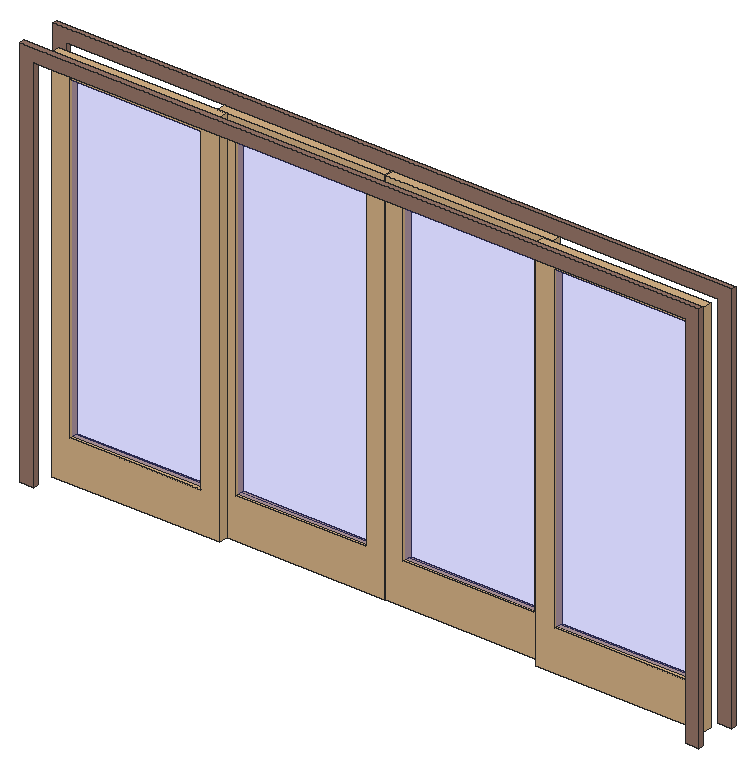
Revit family "0076_M_DR_W_sliding-4 panel 1", category 문, Revit 2026
Family settings
  호스트 = 벽
  항상 수직 = 예
  로드될 때 보이드를 사용하여 절단 = 아니오
  공유 = 아니오
  룸 계산 점 = 아니오
Parameters (values of type "144" x 84"")
  기능 = 내부
  Top Rail = 0' - 4"
  두께 = 0' - 2"
  Stile Width = 0' - 4"
  Bottom Rail = 0' - 9"
  조합 코드 = "C1020"
  Door Material = Door - Panel
  Frame Material = Door - Frame
  Height = 7' - 0"
  Trim Projection Ext = 0' - 1"
  Trim Projection Int = 0' - 1"
  Trim Width = 0' - 3"
  벽 마무리 = 호스트별
  Width = 12' - 0"
Types (7): name | Top Rail | 두께 | Stile Width | Bottom Rail | 조합 코드 | Height | Trim Projection Ext | Trim Projection Int | Trim Width | Width
  144" x 84" | 0' - 4" | 0' - 2" | 0' - 4" | 0' - 9" | "C1020" | 7' - 0" | 0' - 1" | 0' - 1" | 0' - 3" | 12' - 0"
  120" x 80" | 0' - 4" | 0' - 2" | 0' - 4" | 0' - 9" | "C1020" | 6' - 8" | 0' - 1" | 0' - 1" | 0' - 3" | 10' - 0"
  192" x 84" | 0' - 4" | 0' - 2" | 0' - 4" | 0' - 9" | "C1020" | 7' - 0" | 0' - 1" | 0' - 1" | 0' - 3" | 16' - 0"
  192" x 80" | 0' - 4" | 0' - 2" | 0' - 4" | 0' - 9" | "C1020" | 6' - 8" | 0' - 1" | 0' - 1" | 0' - 3" | 16' - 0"
  120" x 84" | 0' - 4" | 0' - 2" | 0' - 4" | 0' - 9" | "C1020" | 7' - 0" | 0' - 1" | 0' - 1" | 0' - 3" | 10' - 0"
  144" x 80" | 0' - 4" | 0' - 2" | 0' - 4" | 0' - 9" | "C1020" | 6' - 8" | 0' - 1" | 0' - 1" | 0' - 3" | 12' - 0"
  3658 x 2134mm | 0' - 3.93701" | 0' - 1.9685" | 0' - 3.93701" | 0' - 9.44882" | 0' - 0" | 7' - 0.01575" | 0' - 0.98425" | 0' - 0.98425" | 0' - 2.95276" | 12' - 0.01575"
Reference planes (in)
  plane 1: y = 0
  plane 2: z = 0
  plane 3: x = 0
  plane 4: x = -72
  plane 5: x = 72
  plane 6: z = 84
  plane 7: y = 9
  plane 8: y = 1
  plane 9: x = 1
  plane 10: x = -1
  plane 11: z = 80
  plane 12: x = 68
  plane 13: z = 9
  plane 14: z = 80
  plane 15: z = 9
  plane 16: x = -4
  plane 17: y = 7
  plane 18: y = 5
  plane 19: x = 36
  plane 20: x = -36
  plane 21: x = 35
  plane 22: x = 37
  plane 23: x = -35
  plane 24: x = -37
  plane 25: x = 39
  plane 26: x = -33
  plane 27: x = -68
  plane 28: x = -39
  plane 29: x = 33
  plane 30: x = 4
Forms (in)
  Extrusion 1, solid, material "Door - Frame" <- "Frame Material"
    sketch origin (-60, 9, 0) x (-1, 0, 0) y (0, 0, 1)
      loop
        line (-132, 0) -> (-132, 84) -> (12, 84) -> (12, 0) -> (15, 0) -> (15, 87) -> (-135, 87) -> (-135, 0) -> (-132, 0)
    from 0 to 1
  Extrusion 2, solid, material "Door - Frame" <- "Frame Material"
    sketch origin (0, 1, 0) x (0, 0, -1) y (-1, 0, 0)
      loop
        line (0, 72) -> (0, 75) -> (-87, 75) -> (-87, -75) -> (0, -75) -> (0, -72) -> (-84, -72) -> (-84, 72) -> (0, 72)
    from 0 to -1
  Extrusion 3, solid, material "Door - Panel" <- "Door Material"
    sketch origin (-60, 9, 0) x (-1, 0, 0) y (0, 0, 1)
      loop
        line (-132, 84) -> (-132, 0) -> (-95, 0) -> (-95, 84) -> (-132, 84)
      loop
        line (-99, 80) -> (-128, 80) -> (-128, 9) -> (-99, 9) -> (-99, 80)
      loop
        line (-25, 84) -> (-25, 0) -> (12, 0) -> (12, 84) -> (-25, 84)
      loop
        line (8, 80) -> (-21, 80) -> (-21, 9) -> (8, 9) -> (8, 80)
    from -4 to -2
  Extrusion 4, solid, material "Door - Panel" <- "Door Material"
    sketch origin (-60, 9, 0) x (-1, 0, 0) y (0, 0, 1)
      loop
        line (-60, 84) -> (-60, 0) -> (-23, 0) -> (-23, 84) -> (-60, 84)
      loop
        line (-27, 9) -> (-27, 80) -> (-56, 80) -> (-56, 9) -> (-27, 9)
      loop
        line (-97, 84) -> (-97, 0) -> (-60.125, 0) -> (-60.125, 84) -> (-97, 84)
      loop
        line (-93, 9) -> (-64, 9) -> (-64, 80) -> (-93, 80) -> (-93, 9)
    from -2 to 0
  Extrusion 5, solid, material "Glass"
    sketch origin (0, -0.04079, 0) x (0, 0, -1) y (1, 0, 0)
      loop
        line (-80, -4) -> (-80, -33) -> (-9, -33) -> (-9, -4) -> (-80, -4)
      loop
        line (-80, 4) -> (-9, 4) -> (-9, 33) -> (-80, 33) -> (-80, 4)
    from -8.45304 to -7.54079
  Extrusion 6, solid, material "Glass"
    sketch origin (-60, 9, 0) x (-1, 0, 0) y (0, 0, 1)
      loop
        line (-128, 80) -> (-128, 9) -> (-99, 9) -> (-99, 80) -> (-128, 80)
      loop
        line (-21, 80) -> (-21, 9) -> (8, 9) -> (8, 80) -> (-21, 80)
    from -3.47821 to -2.51066
Lines and regions (in)
  Opening 1
    outline origin (-60, 1, 144) x (0, 0, -1) y (1, 0, 0)
      loop
        line (60, 132) -> (60, -12) -> (144, -12) -> (144, 132) -> (60, 132)
  symbolic lines, style "DoorsGlassProjection"
    curve 1: line (-33, 8, 0) -> (-4, 8, 0)
    curve 15: line (39, 6, 0) -> (68, 6, 0)
    curve 24: line (4, 8, 0) -> (33, 8, 0)
    curve 33: line (-39, 6, 0) -> (-68, 6, 0)
  symbolic lines, style "DoorsPanelProjection"
    curve 2: line (68, 7, 0) -> (72, 7, 0)
    curve 3: line (68, 7, 0) -> (68, 5, 0)
    curve 4: line (68, 5, 0) -> (72, 5, 0)
    curve 5: line (72, 7, 0) -> (72, 5, 0)
    curve 6: line (-4, 9, 0) -> (4, 9, 0)
    curve 7: line (-4, 9, 0) -> (-4, 7, 0)
    curve 8: line (-4, 7, 0) -> (4, 7, 0)
    curve 9: line (4, 9, 0) -> (4, 7, 0)
    curve 10: line (-4, 7, 0) -> (4, 7, 0)
    curve 11: line (-37, 9, 0) -> (-33, 9, 0)
    curve 12: line (-37, 9, 0) -> (-37, 7, 0)
    curve 13: line (-37, 7, 0) -> (-33, 7, 0)
    curve 14: line (-33, 9, 0) -> (-33, 7, 0)
    curve 16: line (39, 7, 0) -> (33, 7, 0)
    curve 17: line (33, 7, 0) -> (33, 9, 0)
    curve 18: line (33, 9, 0) -> (37, 9, 0)
    curve 19: line (37, 9, 0) -> (37, 7, 0)
    curve 20: line (39, 7, 0) -> (39, 5, 0)
    curve 21: line (39, 5, 0) -> (35, 5, 0)
    curve 22: line (35, 5, 0) -> (35, 7, 0)
    curve 23: line (0, 9, 0) -> (0, 7, 0)
    curve 25: line (-72, 7, 0) -> (-68, 7, 0)
    curve 26: line (-72, 5, 0) -> (-72, 7, 0)
    curve 27: line (-68, 5, 0) -> (-72, 5, 0)
    curve 28: line (-68, 7, 0) -> (-68, 5, 0)
    curve 29: line (-35, 7, 0) -> (-35, 5, 0)
    curve 30: line (-35, 5, 0) -> (-39, 5, 0)
    curve 31: line (-39, 5, 0) -> (-39, 7, 0)
    curve 32: line (-39, 7, 0) -> (-37, 7, 0)
Text (in)
  text "Exterior" at (-68.33502, 21.89683, 0), in view "Ground floor"
  text "Exterior" at (0, 35.48876, 116.93956), in view "Left"
Dimensions and locks (in)
  equal spacing: plane 4, plane 3, plane 5
  "Width": plane 4 to plane 5
  "Height": plane 2 to plane 6
  "Trim Width": plane 6 to Extrusion 1 sketch curve
  "Trim Width": plane 4 to Extrusion 1 sketch curve
  "Trim Width": plane 5 to Extrusion 1 sketch curve
  "Trim Projection Int": plane 8 to Extrusion 2
  "Trim Projection Ext": Extrusion 1 to Extrusion 1
  "Trim Width": Extrusion 2 sketch curve to plane 4
  "Trim Width": plane 5 to Extrusion 2 sketch curve
  "Trim Width": Extrusion 2 sketch curve to plane 6
  plane 10 to plane 3 to plane 9 = 0' - 1" locked, 0' - 1" locked
  "Top Rail": plane 11 to plane 6
  "Bottom Rail": plane 2 to plane 13
  "Stile Width": plane 12 to plane 5
  "Top Rail": plane 14 to plane 6
  plane 18 to plane 17 to plane 7 = 0' - 2" locked, 0' - 2" locked
  locked: Extrusion 4 to Extrusion 5 at 0.58775
  locked: Extrusion 4 to Extrusion 5 at 0.5
  plane 22 to plane 19 to plane 21 = 0' - 1" locked, 0' - 1" locked
  "Stile Width": plane 21 to plane 25
  equal spacing: plane 3, plane 19, plane 5
  equal spacing: plane 3, plane 20, plane 4
  plane 23 to plane 20 to plane 24 = 0' - 1" locked, 0' - 1" locked
  "Stile Width": plane 26 to plane 24
  "Stile Width": plane 3 to plane 16
  "Stile Width": plane 28 to plane 23
  "Stile Width": plane 4 to plane 27
  "Stile Width": plane 22 to plane 29
  "Stile Width": plane 30 to plane 3
  "Bottom Rail": plane 15 to level
  aligned and locked: Opening 1 sketch curve to plane 6
  aligned and locked: Opening 1 sketch curve to plane 4
  aligned and locked: plane 5 to Opening 1 sketch curve
  aligned and locked: host wall to plane 7
  aligned and locked: plane 8 to host wall
  aligned and locked: plane 6 to Extrusion 3 sketch curve
  aligned and locked: plane 5 to Extrusion 3 sketch curve
  aligned and locked: plane 6 to Extrusion 4 sketch curve
  aligned and locked: host wall to Extrusion 4 sketch curve  (x2)
  aligned and locked: host wall to Extrusion 4
  aligned and locked: Extrusion 3 to curve 3  (x2)
  aligned and locked: plane 21 to Extrusion 3 sketch curve
  aligned and locked: Extrusion 3 sketch curve to plane 25
  aligned and locked: Extrusion 6 sketch curve to Extrusion 3  (x6)
  aligned and locked: plane 24 to Extrusion 4 sketch curve
  aligned and locked: Extrusion 4 sketch curve to plane 3
  aligned and locked: Extrusion 5 sketch curve to Extrusion 4  (x7)
  aligned and locked: plane 23 to Extrusion 3 sketch curve
  aligned and locked: host wall to Extrusion 3 sketch curve  (x2)
  aligned and locked: Extrusion 3 sketch curve to host wall
  aligned and locked: plane 22 to Extrusion 4 sketch curve
  aligned and locked: level to Extrusion 4 sketch curve
  aligned and locked: Extrusion 3 sketch curve to plane 27
  aligned and locked: Extrusion 3 to Extrusion 6 sketch curve
  aligned and locked: curve 12 to plane 24
  aligned and locked: curve 26 to plane 4
  aligned and locked: curve 21 to plane 18
  aligned and locked: plane 18 to curve 30
  aligned and locked: curve 27 to Extrusion 3
  aligned and locked: Extrusion 3 sketch curve to plane 13
  aligned and locked: Extrusion 3 sketch curve to plane 28
  aligned and locked: plane 13 to Extrusion 3 sketch curve
  aligned and locked: Extrusion 3 sketch curve to plane 12
  aligned and locked: Extrusion 5 sketch curve to Extrusion 5 sketch curve
  aligned and locked: Extrusion 4 sketch curve to plane 16
  aligned and locked: Extrusion 4 sketch curve to plane 15
  aligned and locked: plane 15 to Extrusion 4 sketch curve
  aligned and locked: Extrusion 4 sketch curve to plane 29
  aligned and locked: Extrusion 6 sketch curve to Extrusion 6 sketch curve
  aligned and locked: curve 28 to Extrusion 3
  aligned and locked: curve 14 to Extrusion 4
  aligned and locked: curve 3 to Extrusion 6
Automatic sketch dimensions
  Opening 1 sketch curve to level = 0' - 0"
  Extrusion 1 sketch curve to level = 0' - 0"  (x2)
  Extrusion 1 sketch curve to plane 5 = 0' - 0"
  Extrusion 1 sketch curve to plane 4 = 0' - 0"
  Extrusion 1 sketch curve to plane 6 = 0' - 0"
  Extrusion 2 sketch curve to plane 4 = 0' - 0"
  Extrusion 2 sketch curve to plane 6 = 0' - 0"
  Extrusion 2 sketch curve to level = 0' - 0"  (x2)
  Extrusion 2 sketch curve to plane 5 = 0' - 0"
  Extrusion 3 sketch curve to level = 0' - 0"
  Extrusion 3 sketch curve to plane 11 = 0' - 0"  (x2)
  Extrusion 4 sketch curve to plane 14 = 0' - 0"  (x2)
  Extrusion 4 sketch curve to plane 30 = 0' - 0"
  Extrusion 4 sketch curve to plane 26 = 0' - 0"
  plane 3 to Extrusion 4 sketch curve = 0' - 0 1/8"
  curve 32 to plane 17 = 0' - 0"
  curve 32 to plane 24 = 0' - 0"
  curve 29 to plane 23 = 0' - 0"
  curve 7 to host wall = 0' - 0"
  curve 8 to plane 17 = 0' - 0"
  curve 23 to host wall = 0' - 0"
  curve 23 to plane 3 = 0' - 0"
  curve 17 to plane 17 = 0' - 0"
  curve 18 to host wall = 0' - 0"
  curve 22 to plane 21 = 0' - 0"
  curve 18 to plane 22 = 0' - 0"
  curve 4 to plane 5 = 0' - 0"
  curve 13 to plane 17 = 0' - 0"
  curve 26 to plane 17 = 0' - 0"
  curve 23 to plane 17 = 0' - 0"
  curve 29 to plane 17 = 0' - 0"
  curve 11 to host wall = 0' - 0"
  curve 32 to curve 32 = 0' - 2"
  plane 10 to curve 7 = 0' - 3"
  curve 9 to plane 9 = 0' - 3"
  curve 24 to curve 6 = 0' - 0"
  curve 17 to curve 22 = 0' - 2"
  plane 22 to curve 20 = 0' - 2"
  curve 15 to curve 20 = 0' - 0"
  curve 33 to curve 31 = 0' - 1"
  curve 3 to curve 15 = 0' - 1"
  curve 16 to curve 24 = 0' - 1"
  curve 1 to curve 11 = 0' - 1"
